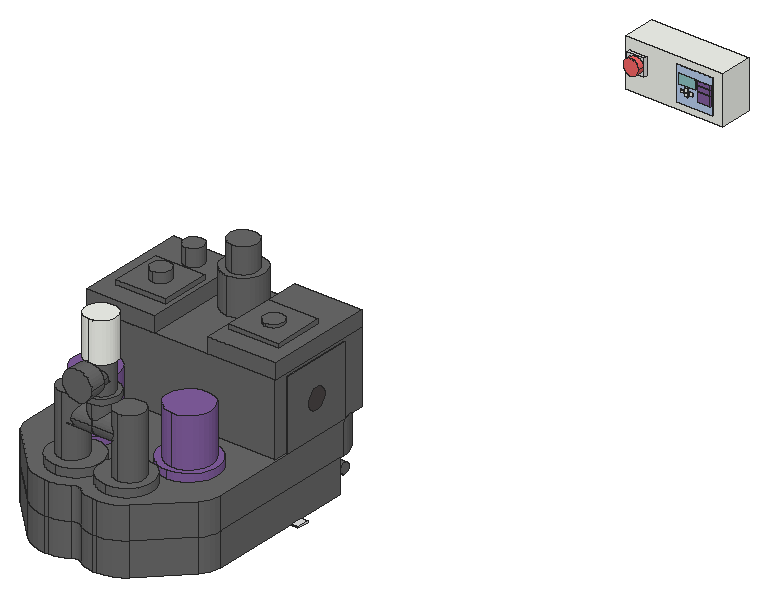
Revit family "11096", category Generic Models, Revit 2021
Family settings
  Can host rebar = No
  Round Connector Dimension = Use Diameter
  Part Type = Normal
  Work Plane-Based = No
  Always vertical = Yes
  Cut with Voids When Loaded = No
  Shared = Yes
  Room Calculation Point = No
Parameters (values of type "11096")
  SUPPLIER = "KESSEL"
  SA700ID49 = "Protection Class I"
  SA700ID48 = "no"
  SA700ID47 = "no"
  SA700ID46 = "yes"
  SA700ID37 = 8000 mm
  SA700ID34 = 40
  SA700ID33 = 1.4 W
  SA700ID32 = 97.93 kg
  SA700ID31 = 1
  SA700ID30 = 2
  SA700ID29 = "RWDR"
  SA700ID21 = 800
  SA700ID10 = "yes"
  SA700ID08 = 400 V
  PROCUREWEBLINK = "https://p.caden.as/kessel/11096"
  PROCURELINK = "p.caden.as/kessel/11096"
  PROCUREDATALASTUPDATE = "2024-05-22T12:18:09.363036766+01:00"
  PREVIEW = "../../_pool_/58/2b/11096.png"
  PRC_SPECIFICATIONLINK = "https://ausschreiben.de/catalog/kessel/catalogItem/51788444-1d41-44b5-8a0e-664a32e81ef7"
  NN = "Lifting station Aqualift F XL"
  NBSYN = "$SA810ID03."
  NB = "11096"
  Model = "11096"
  Manufacturer = "KESSEL"
  MIdent = "{$CADENAS_DATA/23d-libs/kessel/kessel_vdi_import/4/entwaesserung/hebeanlage20aqualift20f20xl.prj},201 {STYP=ASS},{VTYP=3D},{NB=11096},{LINA=11096},{NN=Lifting station Aqualift F XL},{DATE=21.11.2022 10:48:11},{GEOMDATE=21.11.2022 10:48:11},{VERSION=},{LINEID=270},{WBVAR=LODLEVEL},{WBNUMERIC=LODLEVEL}  {NB=11096},{LINA=11096},{KT=DUMMY},{PREVIEW=../../_pool_/58/2b/11096.png},{SA700ID04=Hebeanlage Aqualift F XL 200 l, Duo, SPF 1500-S1, Schieber },{SA810ID06=04026092057636},{SA700ID34=40.00},{SA010ID03=201805},{SA810ID03=11096},{SA810ID10=Aqualift F XL 1500W-S1 Duo 200L m.S.KESSEL Aqualift F XL Hebeanlage für fäkalienhaltiges und fäkalienfreies Abwasser. Zur Aufstellung in frostgeschützten Räumen.Duoanlage mit zwei Pumpen des Typs SPF 1500-S1Sammelbehälter aus Polyethylen, mit verschraubter Reinigungsöffnung, Anschlussstutzen für Zulauf von oben DN100/150.Inklusive Tauchrohr zur pneumatischen Niveauerfassung,Entlüftungsanschluss DN 70 und Anschluss für eine Handmembranpumpe DN 32.Behälter inklusive Haltewinkel zur Auftriebssicherung.Behältervolumen 200 Liter, max. Nutzvolumen bei Zulauf von oben ca. 120 Liter.Zwei seitliche und zwei rückseitige Anbohrflächen zur Montage weiterer Zuläufe bis DN 200 unter Verwendung von Durchgangsdichtungen.Inklusive KESSEL Schaltgerät Aqualift Comfort 400 V.Anwenderfreundliche Menüführung im mehrzeiligem Display. MitSelbstdiagnosesystem (SDS) und Erinnerungsfunktion für nächste Wartung.Anzeige der aktuellen Messwerte. Einfache Einstellung derfunktionsrelevanten Parameter, inklusive Betriebsstundenzähler und potentialfreiem Kontakt. Optionale Weiterleitung von Alarm- und Sammelstörmeldung über GSM Schnittstelle.Schaltgerät mit Volltextanzeige in sechs Sprachen.Abwasserpumpe(n) mit Freistromrad zur Förderung von fäkalienfreiem und fäkalienhaltigem Abwasser gemäß DIN EN 12050-1. Freier Kugeldurchgang mindestens 40 mm. Pumpe(n) überflutungssicher. Inklusive Rückflussverhinderer, mit Druckabgang aus Kunststoff DN 100. Inklusive Absperrschieber.Pumpe(n) Typ SPF 1500-S1Fördermenge: max. 40 m³/hFörderhöhe: max. 8 mNennleistung (P2): 1,1 KW je PumpeAufnahmeleistung (P1): 1,4 KW je PumpeBetriebsspannung: 400 V DSNennfrequenz: 50 HzNennstrom: 2,7 AAbsicherung: 3 x 16 A trägeSchutzart (Pumpe): IP68 3mWS/48hSchutzart (Schaltgerät): IP 65Bertiebsart: S1Kabellänge: 5 mAußenmaße Anlage mit 200 Liter Behälter (BxTxH): 760 x 980 x 770 mmGewicht ca. 97,93 kg},{SA700ID37=8.00},{SA700ID33=1.40},{SA700ID08=400},{SA700ID30=2},{SA700ID32=97.93},{SA700ID49=Schutzklasse I},{SA700ID50=intern},{SA200ID03=6},{SA250ID03=vertikal},{SA260ID03=Trockenläuferpumpe},{SA350ID03=normalansaugend},{SA400ID03=E-Motor für Drehstrom},{SA460ID03=direkt},{SA500ID03=Kunststoff, Edelstahl},{SA700ID06=100},{SA700ID07=100},{SA700ID09=3/N/PE 400V},{SA700ID10=Ja},{SA700ID11=50},{SA700ID12=IP 68},{SA700ID13=F},{SA700ID15=40},{SA700ID21=800.00},{SA700ID22=1.10},{SA700ID23=1415},{SA700ID24=1415},{SA700ID26=2.70},{SA700ID27=21.00},{SA700ID28=durchgehend},{SA700ID29=RWDR},{SA700ID31=1},{SA700ID46=ja},{SA700ID47=nein},{SA700ID48=nein},{SA110ID04=Hebeanlage Aqualift F XL},{SA300ID03=einstufig},{SA700ID44=10.00},{SA700ID45=10.00},{SA010ID04=KESSEL AG},{LODLEVEL=200},{LINK=https://www.kessel.de/info?han=11096},{SA970ID01=970},{SA970ID02=7139},{SA970ID03=11096},{SA970ID04=11002617},{SA970ID05=QUAD},{SA970ID06=-410},{SA970ID07=-850},{SA970ID08=0},{SA970ID09=1},{SA970ID10=0},{SA970ID11=0},{SA970ID12=0},{SA970ID13=1},{SA970ID14=0},{SA970ID15=820},{SA970ID16=980},{SA970ID17=819},{LODLEVEL_=200,'Low'},{LODLEVEL_DEU=200,'Low'},{LINK_=https://www.kessel.de/info?han=11096},{LINK_DEU=https://www.kessel.de/info?han=11096},{LODLEVEL_3DB=11096_200},{DNIN1=100},{DNIN2=70},{DNIN4=10},{DNIN5=10},{DNIN6=50},{DNIN7=50},{DNIN8=50},{DNIN9=50},{DNOUT1=32},{DNOUT2=100},{DNOUT3=70},{ISD1=96},{ISD2=10},{ISDOUT1=40},{ISDOUT2=60},{ISDOUT3=65},{SA010ID01=010},{SA010ID02=4},{SA010ID06=www.kessel.de},{SA010ID07=www.kessel.de},{SA010ID12=20180713},{SA010ID13=DEU},{SA010ID14=DE},{SA100ID01=100},{SA100ID02=4},{SA100ID04=Entwässerung},{SA110ID01=110},{SA110ID02=6},{SA200ID01=200},{SA200ID02=6},{SA250ID01=250},{SA250ID02=2},{SA260ID01=260},{SA260ID02=2},{SA300ID01=300},{SA300ID02=1},{SA350ID01=350},{SA350ID02=1},{SA400ID01=400},{SA400ID02=2},{SA460ID01=460},{SA460ID02=1},{SA500ID01=500},{SA500ID02=1},{SA700ID01=700},{SA700ID02=71},{SA700ID10_=1},{SA700ID16=0},{SA700ID25=0},{SA700ID46_=1},{SA700ID47_=0},{SA700ID48_=0},{SA700ID49_=1},{SA700ID50_=2},{SA800ID01=800},{SA800ID02=35},{SA810ID01=810},{SA810ID02=71},{SA810ID04=11096},{SA810ID07=71},{SA810ID09=1},{SA810ID14=PCE},{SA810ID15=1},{SA810ID16=NMP},{SA960ID03=71},{SA960ID04=3L},{SA960ID08=https://www.kessel.de/info?han=11096},{SA010ID08=4026092000007},{SA100ID05=Hebeanlage},{SA110ID06=Hebeanlage}"
  LINK = "https://www.kessel.de/info?han=11096"
  LINA = "11096"
  Default Elevation = 0 mm
  CREATOR = "CADENAS GmbH"
  CATALOG = "KESSEL"
  BOMINFO = "LINA"
  ARTICLENO = "NB"
  4.810.00.9 Order quantity (multiplicator) = "1"
  4.810.00.7 Media- connection number = "71"
  4.810.00.6 GTIN number = "04026092057636"
  4.810.00.4 DATANORM number = "11096"
  4.810.00.3 Producer order number = "11096"
  4.710.03.7 Mass (net) = 97.93 kg
  4.710.03.6 Height = 807 mm
  4.710.03.5 Width = 760 mm
  4.710.03.4 Length = 980 mm
  4.710.03.3 Type of dimensions = "2"
  4.710.02.8 Area of application of wastewater pump = "1"
  4.710.02.6 Duty type = "S1"
  4.710.02.5 Cutting device = "0"
  4.710.02.4 Attached pump control = "1"
  4.710.02.3 Free passage = 40 mm
  4.710.01.6 Option to connect to building automation = "40"
  4.710.01.5 Load regulation = "0"
  4.710.01.4 Designation of closed-loop control = "120"
  4.710.01.3 Identifier for closed-loop control = "200"
  4.700.00.9 Voltage = 0
  4.700.00.8 Nominal connection size on suction side = "100"
  4.700.00.7 Nominal connection size on pressure side = "100"
  4.700.00.6 Type of connection = "100"
  4.700.00.4 Product indentification = "Hebeanlage Aqualift F XL 200 l, Duo, SPF 1500-S1, Schieber "
  4.700.00.28 Motor pump shaft = "durchgehend"
  4.700.00.27 Starting current = 21
  4.700.00.26 Maximum power consumption per pump / drive = 2.7
  4.700.00.25 Minimum speed at internal speed adjustment = 0
  4.700.00.24 Nominal speed / maximum speed n = 23.5833
  4.700.00.23 Nominal speed of motor = 23.5833
  4.700.00.22 Maximum shaft output (P2) per pump/drive = 1.1 W
  4.700.00.16 Maximum temperature of pumped medium = 0 °C
  4.700.00.15 Increased safety class = "40 °C"
  4.700.00.13 Type of protection = "F"
  4.700.00.12 Frequency = 0
  4.700.00.11 Stern-/Dreieck-Anlaufschaltung bei Dreiphasenanschluss oder Drehstrom = "50 Hz"
  4.700.00.10 Phase = "1"
  4.500.00.3 Variant / Variant type / Accessories-name = "Kunststoff, Edelstahl"
  4.460.00.3 Variant / Variant type / Accessories-name = "direkt"
  4.400.00.3 Variant / Variant type / Accessories-name = "E-Motor für Drehstrom"
  4.350.00.3 Variant / Variant type / Accessories-name = "normalansaugend"
  4.300.00.3 Variant / Variant type / Accessories-name = "einstufig"
  4.260.00.3 Variant / Variant type / Accessories-name = "Trockenläuferpumpe"
  4.250.00.3 Variant / Variant type / Accessories-name = "vertikal"
  4.200.00.3 Variant / Variant type / Accessories-name = "6"
  4.110.00.6 Product classification = "Hebeanlage"
  4.110.00.4 Product indentification = "Hebeanlage Aqualift F XL"
  4.100.00.5 Main groups of wares = "Hebeanlage"
  4.100.00.4 Product indentification = "Entwässerung"
  4.010.00.8 Producer ID number = "4026092000007"
  4.010.00.7 Comment = "www.kessel.de"
  4.010.00.6 Web address of the manufacturer = "www.kessel.de"
  4.010.00.4 Manufacturer name = "KESSEL AG"
  4.010.00.3 Date of issuance (month) of guideline = "201805"
  4.010.00.2 Sheet number of the guideline = "4"
  4.010.00.14 Kennungen der Projektländer, für die die Datei gültig ist = "DE"
  4.010.00.13 Sprache der Datei = "DEU"
  4.010.00.12 Stand des Herstellerkatalogs = "20180713"
Reference planes
  plane 1 "Center (Front/Back)": y = 0
  plane 2: z = 0
  plane 3 "Center (Left/Right)": x = 0
Forms (mm)
  Extrusion 1, void
    sketch origin (380.5, -115, 392) x (0, -1, 0) y (0, 0, 1)
      loop
        line (-0.5, -0.5) -> (0.5, -0.5) -> (0.5, 0.5) -> (-0.5, 0.5) -> (-0.5, -0.5)
    from 0 to 1
  Extrusion 2, void
    sketch origin (160.15, 130.5, 392) x (1, 0, 0) y (0, 0, 1)
      loop
        line (-0.5, -0.5) -> (0.5, -0.5) -> (0.5, 0.5) -> (-0.5, 0.5) -> (-0.5, -0.5)
    from 0 to 1
  Extrusion 3, void
    sketch origin (-161, 130.5, 392) x (1, 0, 0) y (0, 0, 1)
      loop
        line (-0.5, -0.5) -> (0.5, -0.5) -> (0.5, 0.5) -> (-0.5, 0.5) -> (-0.5, -0.5)
    from 0 to 1
  Extrusion 4, void
    sketch origin (-380.5, -115, 392) x (0, 1, 0) y (0, 0, 1)
      loop
        line (-0.5, -0.5) -> (0.5, -0.5) -> (0.5, 0.5) -> (-0.5, 0.5) -> (-0.5, -0.5)
    from 0 to 1
Dimensions and locks
  locked: plane 2 to Extrusion 1 at 392.5
  locked: plane 2 to Extrusion 1 at 391.5
  locked: plane 2 to Extrusion 2 at 392.5
  locked: plane 2 to Extrusion 2 at 391.5
  locked: plane 2 to Extrusion 3 at 392.5
  locked: plane 2 to Extrusion 3 at 391.5
  locked: plane 2 to Extrusion 4 at 392.5
  locked: plane 2 to Extrusion 4 at 391.5
  aligned and locked: level to plane 2
Nested families
  nested 1: "11096_content" at (0, 0, 0), type "11096_Content"
  nested 2: "11096_part1_X0Y0" at (1000, 1000, 1200), type "11096_PART1_X0Y0"
  nested 3: "11096_part2_X0Y0" at (0, 0, 0), type "11096_PART2_X0Y0"
Connectors
  electrical at (861, 933, 1201.5)
    settings: on nested 2, index 1, voltage 0 V, apparent load 0 VA, apparent load phase1 0 VA, apparent load phase2 0 VA, apparent load phase3 0 VA, power factor 1, load classification "Other", number of poles 1, system type 31, power factor state 1, is connector primary yes, connector utility no, sub classification motor no, connector description ""
  piping at (0, 0, 771), diameter 100
    settings: on nested 3, index 2, connector inside diameter 609.6 mm, connector length 0 mm, flow factor 0, pipe flow 0.0 L/s, pressure drop 0.0 Pa, fitting loss kfactor 0, connector angle 0.00°, fixture units 0, engagement length 0 mm, angle of deflection 0.00°, flow configuration 0, flow direction 1, fitting loss method 2, system type 8, joint type 0, gender type 0, connector reference index -1, connector utility 0, adjustable connector no, is connector primary yes, connector description ""
  piping at (380.5, -115, 392), diameter 70
    settings: on Extrusion 1, index 3, connector inside diameter 609.6 mm, connector length 0 mm, flow factor 0, pipe flow 0.0 L/s, pressure drop 0.0 Pa, fitting loss kfactor 0, connector angle 0.00°, fixture units 0, engagement length 0 mm, angle of deflection 0.00°, flow configuration 0, flow direction 0, fitting loss method 2, system type 8, joint type 0, gender type 0, connector reference index -1, connector utility 0, adjustable connector no, is connector primary no, connector description ""
  piping at (160.15, 130.5, 392), diameter 70
    settings: on Extrusion 2, index 4, connector inside diameter 609.6 mm, connector length 0 mm, flow factor 0, pipe flow 0.0 L/s, pressure drop 0.0 Pa, fitting loss kfactor 0, connector angle 0.00°, fixture units 0, engagement length 0 mm, angle of deflection 0.00°, flow configuration 0, flow direction 0, fitting loss method 2, system type 8, joint type 0, gender type 0, connector reference index -1, connector utility 0, adjustable connector no, is connector primary no, connector description ""
  piping at (-161, 130.5, 392), diameter 70
    settings: on Extrusion 3, index 5, connector inside diameter 609.6 mm, connector length 0 mm, flow factor 0, pipe flow 0.0 L/s, pressure drop 0.0 Pa, fitting loss kfactor 0, connector angle 0.00°, fixture units 0, engagement length 0 mm, angle of deflection 0.00°, flow configuration 0, flow direction 0, fitting loss method 2, system type 8, joint type 0, gender type 0, connector reference index -1, connector utility 0, adjustable connector no, is connector primary no, connector description ""
  piping at (-380.5, -115, 392), diameter 70
    settings: on Extrusion 4, index 6, connector inside diameter 609.6 mm, connector length 0 mm, flow factor 0, pipe flow 0.0 L/s, pressure drop 0.0 Pa, fitting loss kfactor 0, connector angle 0.00°, fixture units 0, engagement length 0 mm, angle of deflection 0.00°, flow configuration 0, flow direction 0, fitting loss method 2, system type 8, joint type 0, gender type 0, connector reference index -1, connector utility 0, adjustable connector no, is connector primary no, connector description ""
  piping at (0, -818, 611), diameter 100
    settings: on nested 3, index 7, connector inside diameter 609.6 mm, connector length 0 mm, flow factor 0, pipe flow 0.0 L/s, pressure drop 0.0 Pa, fitting loss kfactor 0, connector angle 0.00°, fixture units 0, engagement length 0 mm, angle of deflection 0.00°, flow configuration 0, flow direction 2, fitting loss method 2, system type 7, joint type 0, gender type 0, connector reference index -1, connector utility 0, adjustable connector no, is connector primary no, connector description ""
  piping at (-225, 36, 661), diameter 70
    settings: on nested 3, index 8, connector inside diameter 609.6 mm, connector length 0 mm, flow factor 0, pipe flow 0.0 L/s, pressure drop 0.0 Pa, fitting loss kfactor 0, connector angle 0.00°, fixture units 0, engagement length 0 mm, angle of deflection 0.00°, flow configuration 0, flow direction 2, fitting loss method 2, system type 7, joint type 0, gender type 0, connector reference index -1, connector utility 0, adjustable connector no, is connector primary no, connector description ""
  piping at (354.5, 56, 60), diameter 32
    settings: on nested 3, index 9, connector inside diameter 609.6 mm, connector length 0 mm, flow factor 0, pipe flow 0.0 L/s, pressure drop 0.0 Pa, fitting loss kfactor 0, connector angle 0.00°, fixture units 0, engagement length 0 mm, angle of deflection 0.00°, flow configuration 0, flow direction 2, fitting loss method 2, system type 7, joint type 0, gender type 0, connector reference index -1, connector utility 0, adjustable connector no, is connector primary no, connector description ""
  electrical at (185, -497, 477)
    settings: on nested 3, index 10, voltage 0 V, apparent load 0 VA, apparent load phase1 0 VA, apparent load phase2 0 VA, apparent load phase3 0 VA, power factor 1, load classification "Other", number of poles 1, system type 31, power factor state 1, is connector primary no, connector utility no, sub classification motor no, connector description ""
  electrical at (-185, -496.75, 477)
    settings: on nested 3, index 11, voltage 0 V, apparent load 0 VA, apparent load phase1 0 VA, apparent load phase2 0 VA, apparent load phase3 0 VA, power factor 1, load classification "Other", number of poles 1, system type 31, power factor state 1, is connector primary no, connector utility no, sub classification motor no, connector description ""
  electrical at (-222.5, -129, 650)
    settings: on nested 3, index 12, voltage 0 V, apparent load 0 VA, apparent load phase1 0 VA, apparent load phase2 0 VA, apparent load phase3 0 VA, power factor 1, load classification "Other", number of poles 1, system type 31, power factor state 1, is connector primary no, connector utility no, sub classification motor no, connector description ""
Definition of nested family "11096_part1_X0Y0"
  Parameters (values of type "11096_PART1_X0Y0")
    SUPPLIER = "KESSEL"
    SA700ID49 = "Protection Class I"
    SA700ID48 = "no"
    SA700ID47 = "no"
    SA700ID46 = "yes"
    SA700ID37 = 8000 mm
    SA700ID34 = 40
    SA700ID33 = 1.4 W
    SA700ID32 = 97.93 kg
    SA700ID31 = 1
    SA700ID30 = 2
    SA700ID29 = "RWDR"
    SA700ID21 = 800
    SA700ID10 = "yes"
    SA700ID08 = 400 V
    PREVIEW = "../../_pool_/58/2b/11096.png"
    NBSYN = "$SA810ID03._PART1"
    NB = "11096_PART1"
    Model = "11096_PART1"
    Manufacturer = "KESSEL"
    MIdent = "{$CADENAS_DATA/23d-libs/kessel/kessel_vdi_import/4/entwaesserung/hebeanlage20aqualift20f20xl.prj},221 {VTYP=3D},{NB=11096_PART1},{LINA=11096_PART1},{NN=Lifting station Aqualift F XL_PART1},{NOPRJ=TRUE},{DATE=21.11.2022 10:48:11},{GEOMDATE=21.11.2022 10:48:11},{VERSION=},{LINEID=270},{WBVAR=LODLEVEL},{WBNUMERIC=LODLEVEL}  {NB=11096_PART1},{LINA=11096_PART1},{KT=DUMMY},{PREVIEW=../../_pool_/58/2b/11096.png},{SA700ID04=Hebeanlage Aqualift F XL 200 l, Duo, SPF 1500-S1, Schieber },{SA810ID06=04026092057636},{SA700ID34=40.00},{SA010ID03=201805},{SA810ID03=11096},{SA810ID10=Aqualift F XL 1500W-S1 Duo 200L m.S.KESSEL Aqualift F XL Hebeanlage für fäkalienhaltiges und fäkalienfreies Abwasser. Zur Aufstellung in frostgeschützten Räumen.Duoanlage mit zwei Pumpen des Typs SPF 1500-S1Sammelbehälter aus Polyethylen, mit verschraubter Reinigungsöffnung, Anschlussstutzen für Zulauf von oben DN100/150.Inklusive Tauchrohr zur pneumatischen Niveauerfassung,Entlüftungsanschluss DN 70 und Anschluss für eine Handmembranpumpe DN 32.Behälter inklusive Haltewinkel zur Auftriebssicherung.Behältervolumen 200 Liter, max. Nutzvolumen bei Zulauf von oben ca. 120 Liter.Zwei seitliche und zwei rückseitige Anbohrflächen zur Montage weiterer Zuläufe bis DN 200 unter Verwendung von Durchgangsdichtungen.Inklusive KESSEL Schaltgerät Aqualift Comfort 400 V.Anwenderfreundliche Menüführung im mehrzeiligem Display. MitSelbstdiagnosesystem (SDS) und Erinnerungsfunktion für nächste Wartung.Anzeige der aktuellen Messwerte. Einfache Einstellung derfunktionsrelevanten Parameter, inklusive Betriebsstundenzähler und potentialfreiem Kontakt. Optionale Weiterleitung von Alarm- und Sammelstörmeldung über GSM Schnittstelle.Schaltgerät mit Volltextanzeige in sechs Sprachen.Abwasserpumpe(n) mit Freistromrad zur Förderung von fäkalienfreiem und fäkalienhaltigem Abwasser gemäß DIN EN 12050-1. Freier Kugeldurchgang mindestens 40 mm. Pumpe(n) überflutungssicher. Inklusive Rückflussverhinderer, mit Druckabgang aus Kunststoff DN 100. Inklusive Absperrschieber.Pumpe(n) Typ SPF 1500-S1Fördermenge: max. 40 m³/hFörderhöhe: max. 8 mNennleistung (P2): 1,1 KW je PumpeAufnahmeleistung (P1): 1,4 KW je PumpeBetriebsspannung: 400 V DSNennfrequenz: 50 HzNennstrom: 2,7 AAbsicherung: 3 x 16 A trägeSchutzart (Pumpe): IP68 3mWS/48hSchutzart (Schaltgerät): IP 65Bertiebsart: S1Kabellänge: 5 mAußenmaße Anlage mit 200 Liter Behälter (BxTxH): 760 x 980 x 770 mmGewicht ca. 97,93 kg},{SA700ID37=8.00},{SA700ID33=1.40},{SA700ID08=400},{SA700ID30=2},{SA700ID32=97.93},{SA700ID49=Schutzklasse I},{SA700ID50=intern},{SA200ID03=6},{SA250ID03=vertikal},{SA260ID03=Trockenläuferpumpe},{SA350ID03=normalansaugend},{SA400ID03=E-Motor für Drehstrom},{SA460ID03=direkt},{SA500ID03=Kunststoff, Edelstahl},{SA700ID06=100},{SA700ID07=100},{SA700ID09=3/N/PE 400V},{SA700ID10=Ja},{SA700ID11=50},{SA700ID12=IP 68},{SA700ID13=F},{SA700ID15=40},{SA700ID21=800.00},{SA700ID22=1.10},{SA700ID23=1415},{SA700ID24=1415},{SA700ID26=2.70},{SA700ID27=21.00},{SA700ID28=durchgehend},{SA700ID29=RWDR},{SA700ID31=1},{SA700ID46=ja},{SA700ID47=nein},{SA700ID48=nein},{SA110ID04=Hebeanlage Aqualift F XL},{SA300ID03=einstufig},{SA700ID44=10.00},{SA700ID45=10.00},{SA010ID04=KESSEL AG},{LODLEVEL=200},{LINK=https://www.kessel.de/info?han=11096},{SA970ID01=970},{SA970ID02=7139},{SA970ID03=11096},{SA970ID04=11002617},{SA970ID05=QUAD},{SA970ID06=-410},{SA970ID07=-850},{SA970ID08=0},{SA970ID09=1},{SA970ID10=0},{SA970ID11=0},{SA970ID12=0},{SA970ID13=1},{SA970ID14=0},{SA970ID15=820},{SA970ID16=980},{SA970ID17=819},{LODLEVEL_=200,'Low'},{LODLEVEL_DEU=200,'Low'},{LINK_=https://www.kessel.de/info?han=11096},{LINK_DEU=https://www.kessel.de/info?han=11096},{LODLEVEL_3DB=11096_200},{DNIN1=100},{DNIN2=70},{DNIN4=10},{DNIN5=10},{DNIN6=50},{DNIN7=50},{DNIN8=50},{DNIN9=50},{DNOUT1=32},{DNOUT2=100},{DNOUT3=70},{ISD1=96},{ISD2=10},{ISDOUT1=40},{ISDOUT2=60},{ISDOUT3=65},{SA010ID01=010},{SA010ID02=4},{SA010ID06=www.kessel.de},{SA010ID07=www.kessel.de},{SA010ID12=20180713},{SA010ID13=DEU},{SA010ID14=DE},{SA100ID01=100},{SA100ID02=4},{SA100ID04=Entwässerung},{SA110ID01=110},{SA110ID02=6},{SA200ID01=200},{SA200ID02=6},{SA250ID01=250},{SA250ID02=2},{SA260ID01=260},{SA260ID02=2},{SA300ID01=300},{SA300ID02=1},{SA350ID01=350},{SA350ID02=1},{SA400ID01=400},{SA400ID02=2},{SA460ID01=460},{SA460ID02=1},{SA500ID01=500},{SA500ID02=1},{SA700ID01=700},{SA700ID02=71},{SA700ID10_=1},{SA700ID16=0},{SA700ID25=0},{SA700ID46_=1},{SA700ID47_=0},{SA700ID48_=0},{SA700ID49_=1},{SA700ID50_=2},{SA800ID01=800},{SA800ID02=35},{SA810ID01=810},{SA810ID02=71},{SA810ID04=11096},{SA810ID07=71},{SA810ID09=1},{SA810ID14=PCE},{SA810ID15=1},{SA810ID16=NMP},{SA960ID03=71},{SA960ID04=3L},{SA960ID08=https://www.kessel.de/info?han=11096},{SA010ID08=4026092000007},{SA100ID05=Hebeanlage},{SA110ID06=Hebeanlage}"
    LINK = "https://www.kessel.de/info?han=11096"
    LINA = "11096_PART1"
    Default Elevation = 1219.2 mm
    CREATOR = "CADENAS GmbH"
    CATALOG = "KESSEL"
    BOMINFO = "LINA"
    ARTICLENO = "NB"
    4.810.00.9 Order quantity (multiplicator) = "1"
    4.810.00.7 Media- connection number = "71"
    4.810.00.6 GTIN number = "04026092057636"
    4.810.00.4 DATANORM number = "11096"
    4.810.00.3 Producer order number = "11096"
    4.710.03.7 Mass (net) = 97.93 kg
    4.710.03.6 Height = 807 mm
    4.710.03.5 Width = 760 mm
    4.710.03.4 Length = 980 mm
    4.710.03.3 Type of dimensions = "2"
    4.710.02.8 Area of application of wastewater pump = "1"
    4.710.02.6 Duty type = "S1"
    4.710.02.5 Cutting device = "0"
    4.710.02.4 Attached pump control = "1"
    4.710.02.3 Free passage = 40 mm
    4.710.01.6 Option to connect to building automation = "40"
    4.710.01.5 Load regulation = "0"
    4.710.01.4 Designation of closed-loop control = "120"
    4.710.01.3 Identifier for closed-loop control = "200"
    4.700.00.9 Voltage = 0
    4.700.00.8 Nominal connection size on suction side = "100"
    4.700.00.7 Nominal connection size on pressure side = "100"
    4.700.00.6 Type of connection = "100"
    4.700.00.4 Product indentification = "Hebeanlage Aqualift F XL 200 l, Duo, SPF 1500-S1, Schieber "
    4.700.00.28 Motor pump shaft = "durchgehend"
    4.700.00.27 Starting current = 21
    4.700.00.26 Maximum power consumption per pump / drive = 2.7
    4.700.00.25 Minimum speed at internal speed adjustment = 0
    4.700.00.24 Nominal speed / maximum speed n = 23.5833
    4.700.00.23 Nominal speed of motor = 23.5833
    4.700.00.22 Maximum shaft output (P2) per pump/drive = 1.1 W
    4.700.00.16 Maximum temperature of pumped medium = 0 °C
    4.700.00.15 Increased safety class = "40 °C"
    4.700.00.13 Type of protection = "F"
    4.700.00.12 Frequency = 0
    4.700.00.11 Stern-/Dreieck-Anlaufschaltung bei Dreiphasenanschluss oder Drehstrom = "50 Hz"
    4.700.00.10 Phase = "1"
    4.500.00.3 Variant / Variant type / Accessories-name = "Kunststoff, Edelstahl"
    4.460.00.3 Variant / Variant type / Accessories-name = "direkt"
    4.400.00.3 Variant / Variant type / Accessories-name = "E-Motor für Drehstrom"
    4.350.00.3 Variant / Variant type / Accessories-name = "normalansaugend"
    4.300.00.3 Variant / Variant type / Accessories-name = "einstufig"
    4.260.00.3 Variant / Variant type / Accessories-name = "Trockenläuferpumpe"
    4.250.00.3 Variant / Variant type / Accessories-name = "vertikal"
    4.200.00.3 Variant / Variant type / Accessories-name = "6"
    4.110.00.6 Product classification = "Hebeanlage"
    4.110.00.4 Product indentification = "Hebeanlage Aqualift F XL"
    4.100.00.5 Main groups of wares = "Hebeanlage"
    4.100.00.4 Product indentification = "Entwässerung"
    4.010.00.8 Producer ID number = "4026092000007"
    4.010.00.7 Comment = "www.kessel.de"
    4.010.00.6 Web address of the manufacturer = "www.kessel.de"
    4.010.00.4 Manufacturer name = "KESSEL AG"
    4.010.00.3 Date of issuance (month) of guideline = "201805"
    4.010.00.2 Sheet number of the guideline = "4"
    4.010.00.14 Kennungen der Projektländer, für die die Datei gültig ist = "DE"
    4.010.00.13 Sprache der Datei = "DEU"
    4.010.00.12 Stand des Herstellerkatalogs = "20180713"
  Reference planes
    plane 1 "Center (Front/Back)": y = 0
    plane 2: z = 0
    plane 3 "Center (Left/Right)": x = 0
  Dimensions and locks
    aligned and locked: level to plane 2
  Nested families
    nested 1: "11096_part1_content" at (0, 0, 0), type "11096_PART1_Content"
  Definition of nested family "11096_part1_content"
    Parameters (values of type "11096_PART1_Content")
      SUPPLIER = "KESSEL"
      SA700ID49 = "Protection Class I"
      SA700ID48 = "no"
      SA700ID47 = "no"
      SA700ID46 = "yes"
      SA700ID37 = 8000 mm
      SA700ID34 = 40
      SA700ID33 = 1.4 W
      SA700ID32 = 97.93 kg
      SA700ID31 = 1
      SA700ID30 = 2
      SA700ID29 = "RWDR"
      SA700ID21 = 800
      SA700ID10 = "yes"
      SA700ID08 = 400 V
      PREVIEW = "../../_pool_/58/2b/11096.png"
      NBSYN = "$SA810ID03._PART1"
      NB = "11096_PART1"
      Model = "11096_PART1"
      Manufacturer = "KESSEL"
      LINK = "https://www.kessel.de/info?han=11096"
      LINA = "11096_PART1"
      Default Elevation = 1219.2 mm
      CREATOR = "CADENAS GmbH"
      CATALOG = "KESSEL"
      BOMINFO = "LINA"
      ARTICLENO = "NB"
      4.810.00.9 Order quantity (multiplicator) = "1"
      4.810.00.7 Media- connection number = "71"
      4.810.00.6 GTIN number = "04026092057636"
      4.810.00.4 DATANORM number = "11096"
      4.810.00.3 Producer order number = "11096"
      4.710.03.7 Mass (net) = 97.93 kg
      4.710.03.6 Height = 807 mm
      4.710.03.5 Width = 760 mm
      4.710.03.4 Length = 980 mm
      4.710.03.3 Type of dimensions = "2"
      4.710.02.8 Area of application of wastewater pump = "1"
      4.710.02.6 Duty type = "S1"
      4.710.02.5 Cutting device = "0"
      4.710.02.4 Attached pump control = "1"
      4.710.02.3 Free passage = 40 mm
      4.710.01.6 Option to connect to building automation = "40"
      4.710.01.5 Load regulation = "0"
      4.710.01.4 Designation of closed-loop control = "120"
      4.710.01.3 Identifier for closed-loop control = "200"
      4.700.00.9 Voltage = 0
      4.700.00.8 Nominal connection size on suction side = "100"
      4.700.00.7 Nominal connection size on pressure side = "100"
      4.700.00.6 Type of connection = "100"
      4.700.00.4 Product indentification = "Hebeanlage Aqualift F XL 200 l, Duo, SPF 1500-S1, Schieber "
      4.700.00.28 Motor pump shaft = "durchgehend"
      4.700.00.27 Starting current = 21
      4.700.00.26 Maximum power consumption per pump / drive = 2.7
      4.700.00.25 Minimum speed at internal speed adjustment = 0
      4.700.00.24 Nominal speed / maximum speed n = 23.5833
      4.700.00.23 Nominal speed of motor = 23.5833
      4.700.00.22 Maximum shaft output (P2) per pump/drive = 1.1 W
      4.700.00.16 Maximum temperature of pumped medium = 0 °C
      4.700.00.15 Increased safety class = "40 °C"
      4.700.00.13 Type of protection = "F"
      4.700.00.12 Frequency = 0
      4.700.00.11 Stern-/Dreieck-Anlaufschaltung bei Dreiphasenanschluss oder Drehstrom = "50 Hz"
      4.700.00.10 Phase = "1"
      4.500.00.3 Variant / Variant type / Accessories-name = "Kunststoff, Edelstahl"
      4.460.00.3 Variant / Variant type / Accessories-name = "direkt"
      4.400.00.3 Variant / Variant type / Accessories-name = "E-Motor für Drehstrom"
      4.350.00.3 Variant / Variant type / Accessories-name = "normalansaugend"
      4.300.00.3 Variant / Variant type / Accessories-name = "einstufig"
      4.260.00.3 Variant / Variant type / Accessories-name = "Trockenläuferpumpe"
      4.250.00.3 Variant / Variant type / Accessories-name = "vertikal"
      4.200.00.3 Variant / Variant type / Accessories-name = "6"
      4.110.00.6 Product classification = "Hebeanlage"
      4.110.00.4 Product indentification = "Hebeanlage Aqualift F XL"
      4.100.00.5 Main groups of wares = "Hebeanlage"
      4.100.00.4 Product indentification = "Entwässerung"
      4.010.00.8 Producer ID number = "4026092000007"
      4.010.00.7 Comment = "www.kessel.de"
      4.010.00.6 Web address of the manufacturer = "www.kessel.de"
      4.010.00.4 Manufacturer name = "KESSEL AG"
      4.010.00.3 Date of issuance (month) of guideline = "201805"
      4.010.00.2 Sheet number of the guideline = "4"
      4.010.00.14 Kennungen der Projektländer, für die die Datei gültig ist = "DE"
      4.010.00.13 Sprache der Datei = "DEU"
      4.010.00.12 Stand des Herstellerkatalogs = "20180713"
    Reference planes
      plane 1 "Center (Front/Back)": y = 0
      plane 2: z = 0
      plane 3 "Center (Left/Right)": x = 0
    Forms (mm)
      Extrusion 1, solid, detail levels medium+fine
        sketch origin (189.25, -1.75, 0.2) x (0, -1, 0) y (0, 0, 1)
          loop
            line (0, 187.8) -> (0, 0) -> (127.75, 0) -> (127.75, 187.8) -> (0, 187.8)
        from 0 to 378.5
      Extrusion 2, solid, detail levels medium+fine
        sketch origin (-4, -67, 0) x (0, 1, 0) y (-1, 0, 0)
          loop
            circle (0, 0) r 12.5
        from 0 to 1.5
      Extrusion 3, solid, detail levels medium+fine
        sketch origin (150.8, -129.5, 26.5) x (0, -1, 0) y (0, 0, 1)
          loop
            line (-1.2, 134.8) -> (-1.2, 0) -> (0.25, 0) -> (0.25, 134.8) -> (-1.2, 134.8)
        from 0 to 139.9
      Extrusion 4, solid, detail levels medium+fine
        sketch origin (72.55, -129.75, 66) x (0, -1, 0) y (0, 0, 1)
          loop
            line (-1, 12) -> (-1, 0) -> (0.5, 0) -> (0.5, 12) -> (-1, 12)
        from 0 to 12
      Extrusion 5, solid, detail levels medium+fine
        sketch origin (84.45, -129.75, 93.4) x (0, -1, 0) y (0, 0, 1)
          loop
            line (-1, 37) -> (-1, 0) -> (0.5, 0) -> (0.5, 37) -> (-1, 37)
        from 0 to 66
      Extrusion 6, solid, detail levels medium+fine
        sketch origin (55.3, -129.75, 74) x (0, -1, 0) y (0, 0, 1)
          loop
            line (-1, 12) -> (-1, 0) -> (0.5, 0) -> (0.5, 12) -> (-1, 12)
        from 0 to 12
      Extrusion 7, solid, detail levels medium+fine
        sketch origin (143.3, -129.75, 94.4) x (0, -1, 0) y (0, 0, 1)
          loop
            line (0, 16) -> (0, 0) -> (1.75, 0) -> (1.75, 16) -> (0, 16)
        from 0 to 51
      Extrusion 8, solid, detail levels medium+fine
        sketch origin (143.3, -129.75, 54.4) x (0, -1, 0) y (0, 0, 1)
          loop
            line (0, 36) -> (0, 0) -> (1.75, 0) -> (1.75, 36) -> (0, 36)
        from 0 to 51
      Extrusion 9, solid, detail levels medium+fine
        sketch origin (55.3, -129.75, 57.5) x (0, -1, 0) y (0, 0, 1)
          loop
            line (-1, 12) -> (-1, 0) -> (0.5, 0) -> (0.5, 12) -> (-1, 12)
        from 0 to 12
      Extrusion 10, solid, detail levels medium+fine
        sketch origin (143.3, -129.75, 114.4) x (0, -1, 0) y (0, 0, 1)
          loop
            line (0, 16) -> (0, 0) -> (1.75, 0) -> (1.75, 16) -> (0, 16)
        from 0 to 51
      Extrusion 11, solid, detail levels medium+fine
        sketch origin (38.05, -129.75, 66) x (0, -1, 0) y (0, 0, 1)
          loop
            line (-1, 12) -> (-1, 0) -> (0.5, 0) -> (0.5, 12) -> (-1, 12)
        from 0 to 12
      Extrusion 12, solid, detail levels medium+fine
        sketch origin (47, -72, 0) x (0, 1, 0) y (-1, 0, 0)
          loop
            circle (0, 0) r 8
        from 0 to 1.5
      Extrusion 13, solid, detail levels medium+fine
        sketch origin (47, -42, 0) x (0, 1, 0) y (-1, 0, 0)
          loop
            circle (0, 0) r 5.25
        from 0 to 1.5
      Extrusion 14, solid, detail levels medium+fine
        sketch origin (77, -72, 0) x (0, 1, 0) y (-1, 0, 0)
          loop
            circle (0, 0) r 8
        from 0 to 1.5
      Extrusion 15, solid, detail levels medium+fine
        sketch origin (-94, -67, 0) x (0, 1, 0) y (-1, 0, 0)
          loop
            circle (0, 0) r 12.5
        from 0 to 1.5
      Extrusion 16, solid, detail levels medium+fine
        sketch origin (92, -42, 0) x (0, 1, 0) y (-1, 0, 0)
          loop
            circle (0, 0) r 8
        from 0 to 1.5
      Extrusion 17, solid, detail levels medium+fine
        sketch origin (107, -72, 0) x (0, 1, 0) y (-1, 0, 0)
          loop
            circle (0, 0) r 8
        from 0 to 1.5
      Extrusion 18, solid, detail levels medium+fine
        sketch origin (122, -42, 0) x (0, 1, 0) y (-1, 0, 0)
          loop
            circle (0, 0) r 8
        from 0 to 1.5
      Extrusion 19, solid, detail levels medium+fine
        sketch origin (-107.7, -129.5, 76.9) x (0, -1, 0) y (0, 0, 1)
          loop
            line (0, 67) -> (0, 0) -> (14, 0) -> (14, 67) -> (0, 67)
        from 0 to 67
      Extrusion 20, solid, detail levels medium+fine
        sketch origin (-141.2, -143.5, 110.4) x (1, 0, 0) y (0, 0, 1)
          loop
            circle (0, 0) r 30
        from 0 to 22
      Extrusion 21, solid, detail levels medium+fine
        sketch origin (127, -15, 0) x (0, 1, 0) y (-1, 0, 0)
          loop
            circle (0, 0) r 6
        from 0 to 1.5
      Extrusion 22, solid, detail levels medium+fine
        sketch origin (137, -72, 0) x (0, 1, 0) y (-1, 0, 0)
          loop
            circle (0, 0) r 8
        from 0 to 1.5
      Extrusion 23, solid, detail levels medium+fine
        sketch origin (-139, -67, 0) x (0, 1, 0) y (-1, 0, 0)
          loop
            circle (0, 0) r 12.5
        from 0 to 1.5
      Extrusion 24, solid, detail levels medium+fine
        sketch origin (152, -42, 0) x (0, 1, 0) y (-1, 0, 0)
          loop
            circle (0, 0) r 8
        from 0 to 1.5
      Extrusion 25, solid, detail levels coarse
        sketch origin (0, -83.625, 0) x (1, 0, 0) y (0, 1, 0)
          loop
            line (-189.25, -81.875) -> (189.25, -81.875) -> (189.25, 81.875) -> (-189.25, 81.875) -> (-189.25, -81.875)
        from 0 to 188
    Dimensions and locks
      aligned and locked: level to plane 2
Definition of nested family "11096_part2_X0Y0"
  Parameters (values of type "11096_PART2_X0Y0")
    SUPPLIER = "KESSEL"
    SA700ID49 = "Protection Class I"
    SA700ID48 = "no"
    SA700ID47 = "no"
    SA700ID46 = "yes"
    SA700ID37 = 8000 mm
    SA700ID34 = 40
    SA700ID33 = 1.4 W
    SA700ID32 = 97.93 kg
    SA700ID31 = 1
    SA700ID30 = 2
    SA700ID29 = "RWDR"
    SA700ID21 = 800
    SA700ID10 = "yes"
    SA700ID08 = 400 V
    PREVIEW = "../../_pool_/58/2b/11096.png"
    NBSYN = "$SA810ID03._PART2"
    NB = "11096_PART2"
    Model = "11096_PART2"
    Manufacturer = "KESSEL"
    MIdent = "{$CADENAS_DATA/23d-libs/kessel/kessel_vdi_import/4/entwaesserung/hebeanlage20aqualift20f20xl.prj},221 {VTYP=3D},{NB=11096_PART2},{LINA=11096_PART2},{NN=Lifting station Aqualift F XL_PART2},{NOPRJ=TRUE},{DATE=21.11.2022 10:48:11},{GEOMDATE=21.11.2022 10:48:11},{VERSION=},{LINEID=270},{WBVAR=LODLEVEL},{WBNUMERIC=LODLEVEL}  {NB=11096_PART2},{LINA=11096_PART2},{KT=DUMMY},{PREVIEW=../../_pool_/58/2b/11096.png},{SA700ID04=Hebeanlage Aqualift F XL 200 l, Duo, SPF 1500-S1, Schieber },{SA810ID06=04026092057636},{SA700ID34=40.00},{SA010ID03=201805},{SA810ID03=11096},{SA810ID10=Aqualift F XL 1500W-S1 Duo 200L m.S.KESSEL Aqualift F XL Hebeanlage für fäkalienhaltiges und fäkalienfreies Abwasser. Zur Aufstellung in frostgeschützten Räumen.Duoanlage mit zwei Pumpen des Typs SPF 1500-S1Sammelbehälter aus Polyethylen, mit verschraubter Reinigungsöffnung, Anschlussstutzen für Zulauf von oben DN100/150.Inklusive Tauchrohr zur pneumatischen Niveauerfassung,Entlüftungsanschluss DN 70 und Anschluss für eine Handmembranpumpe DN 32.Behälter inklusive Haltewinkel zur Auftriebssicherung.Behältervolumen 200 Liter, max. Nutzvolumen bei Zulauf von oben ca. 120 Liter.Zwei seitliche und zwei rückseitige Anbohrflächen zur Montage weiterer Zuläufe bis DN 200 unter Verwendung von Durchgangsdichtungen.Inklusive KESSEL Schaltgerät Aqualift Comfort 400 V.Anwenderfreundliche Menüführung im mehrzeiligem Display. MitSelbstdiagnosesystem (SDS) und Erinnerungsfunktion für nächste Wartung.Anzeige der aktuellen Messwerte. Einfache Einstellung derfunktionsrelevanten Parameter, inklusive Betriebsstundenzähler und potentialfreiem Kontakt. Optionale Weiterleitung von Alarm- und Sammelstörmeldung über GSM Schnittstelle.Schaltgerät mit Volltextanzeige in sechs Sprachen.Abwasserpumpe(n) mit Freistromrad zur Förderung von fäkalienfreiem und fäkalienhaltigem Abwasser gemäß DIN EN 12050-1. Freier Kugeldurchgang mindestens 40 mm. Pumpe(n) überflutungssicher. Inklusive Rückflussverhinderer, mit Druckabgang aus Kunststoff DN 100. Inklusive Absperrschieber.Pumpe(n) Typ SPF 1500-S1Fördermenge: max. 40 m³/hFörderhöhe: max. 8 mNennleistung (P2): 1,1 KW je PumpeAufnahmeleistung (P1): 1,4 KW je PumpeBetriebsspannung: 400 V DSNennfrequenz: 50 HzNennstrom: 2,7 AAbsicherung: 3 x 16 A trägeSchutzart (Pumpe): IP68 3mWS/48hSchutzart (Schaltgerät): IP 65Bertiebsart: S1Kabellänge: 5 mAußenmaße Anlage mit 200 Liter Behälter (BxTxH): 760 x 980 x 770 mmGewicht ca. 97,93 kg},{SA700ID37=8.00},{SA700ID33=1.40},{SA700ID08=400},{SA700ID30=2},{SA700ID32=97.93},{SA700ID49=Schutzklasse I},{SA700ID50=intern},{SA200ID03=6},{SA250ID03=vertikal},{SA260ID03=Trockenläuferpumpe},{SA350ID03=normalansaugend},{SA400ID03=E-Motor für Drehstrom},{SA460ID03=direkt},{SA500ID03=Kunststoff, Edelstahl},{SA700ID06=100},{SA700ID07=100},{SA700ID09=3/N/PE 400V},{SA700ID10=Ja},{SA700ID11=50},{SA700ID12=IP 68},{SA700ID13=F},{SA700ID15=40},{SA700ID21=800.00},{SA700ID22=1.10},{SA700ID23=1415},{SA700ID24=1415},{SA700ID26=2.70},{SA700ID27=21.00},{SA700ID28=durchgehend},{SA700ID29=RWDR},{SA700ID31=1},{SA700ID46=ja},{SA700ID47=nein},{SA700ID48=nein},{SA110ID04=Hebeanlage Aqualift F XL},{SA300ID03=einstufig},{SA700ID44=10.00},{SA700ID45=10.00},{SA010ID04=KESSEL AG},{LODLEVEL=200},{LINK=https://www.kessel.de/info?han=11096},{SA970ID01=970},{SA970ID02=7139},{SA970ID03=11096},{SA970ID04=11002617},{SA970ID05=QUAD},{SA970ID06=-410},{SA970ID07=-850},{SA970ID08=0},{SA970ID09=1},{SA970ID10=0},{SA970ID11=0},{SA970ID12=0},{SA970ID13=1},{SA970ID14=0},{SA970ID15=820},{SA970ID16=980},{SA970ID17=819},{LODLEVEL_=200,'Low'},{LODLEVEL_DEU=200,'Low'},{LINK_=https://www.kessel.de/info?han=11096},{LINK_DEU=https://www.kessel.de/info?han=11096},{LODLEVEL_3DB=11096_200},{DNIN1=100},{DNIN2=70},{DNIN4=10},{DNIN5=10},{DNIN6=50},{DNIN7=50},{DNIN8=50},{DNIN9=50},{DNOUT1=32},{DNOUT2=100},{DNOUT3=70},{ISD1=96},{ISD2=10},{ISDOUT1=40},{ISDOUT2=60},{ISDOUT3=65},{SA010ID01=010},{SA010ID02=4},{SA010ID06=www.kessel.de},{SA010ID07=www.kessel.de},{SA010ID12=20180713},{SA010ID13=DEU},{SA010ID14=DE},{SA100ID01=100},{SA100ID02=4},{SA100ID04=Entwässerung},{SA110ID01=110},{SA110ID02=6},{SA200ID01=200},{SA200ID02=6},{SA250ID01=250},{SA250ID02=2},{SA260ID01=260},{SA260ID02=2},{SA300ID01=300},{SA300ID02=1},{SA350ID01=350},{SA350ID02=1},{SA400ID01=400},{SA400ID02=2},{SA460ID01=460},{SA460ID02=1},{SA500ID01=500},{SA500ID02=1},{SA700ID01=700},{SA700ID02=71},{SA700ID10_=1},{SA700ID16=0},{SA700ID25=0},{SA700ID46_=1},{SA700ID47_=0},{SA700ID48_=0},{SA700ID49_=1},{SA700ID50_=2},{SA800ID01=800},{SA800ID02=35},{SA810ID01=810},{SA810ID02=71},{SA810ID04=11096},{SA810ID07=71},{SA810ID09=1},{SA810ID14=PCE},{SA810ID15=1},{SA810ID16=NMP},{SA960ID03=71},{SA960ID04=3L},{SA960ID08=https://www.kessel.de/info?han=11096},{SA010ID08=4026092000007},{SA100ID05=Hebeanlage},{SA110ID06=Hebeanlage}"
    LINK = "https://www.kessel.de/info?han=11096"
    LINA = "11096_PART2"
    Default Elevation = 1219.2 mm
    CREATOR = "CADENAS GmbH"
    CATALOG = "KESSEL"
    BOMINFO = "LINA"
    ARTICLENO = "NB"
    4.810.00.9 Order quantity (multiplicator) = "1"
    4.810.00.7 Media- connection number = "71"
    4.810.00.6 GTIN number = "04026092057636"
    4.810.00.4 DATANORM number = "11096"
    4.810.00.3 Producer order number = "11096"
    4.710.03.7 Mass (net) = 97.93 kg
    4.710.03.6 Height = 807 mm
    4.710.03.5 Width = 760 mm
    4.710.03.4 Length = 980 mm
    4.710.03.3 Type of dimensions = "2"
    4.710.02.8 Area of application of wastewater pump = "1"
    4.710.02.6 Duty type = "S1"
    4.710.02.5 Cutting device = "0"
    4.710.02.4 Attached pump control = "1"
    4.710.02.3 Free passage = 40 mm
    4.710.01.6 Option to connect to building automation = "40"
    4.710.01.5 Load regulation = "0"
    4.710.01.4 Designation of closed-loop control = "120"
    4.710.01.3 Identifier for closed-loop control = "200"
    4.700.00.9 Voltage = 0
    4.700.00.8 Nominal connection size on suction side = "100"
    4.700.00.7 Nominal connection size on pressure side = "100"
    4.700.00.6 Type of connection = "100"
    4.700.00.4 Product indentification = "Hebeanlage Aqualift F XL 200 l, Duo, SPF 1500-S1, Schieber "
    4.700.00.28 Motor pump shaft = "durchgehend"
    4.700.00.27 Starting current = 21
    4.700.00.26 Maximum power consumption per pump / drive = 2.7
    4.700.00.25 Minimum speed at internal speed adjustment = 0
    4.700.00.24 Nominal speed / maximum speed n = 23.5833
    4.700.00.23 Nominal speed of motor = 23.5833
    4.700.00.22 Maximum shaft output (P2) per pump/drive = 1.1 W
    4.700.00.16 Maximum temperature of pumped medium = 0 °C
    4.700.00.15 Increased safety class = "40 °C"
    4.700.00.13 Type of protection = "F"
    4.700.00.12 Frequency = 0
    4.700.00.11 Stern-/Dreieck-Anlaufschaltung bei Dreiphasenanschluss oder Drehstrom = "50 Hz"
    4.700.00.10 Phase = "1"
    4.500.00.3 Variant / Variant type / Accessories-name = "Kunststoff, Edelstahl"
    4.460.00.3 Variant / Variant type / Accessories-name = "direkt"
    4.400.00.3 Variant / Variant type / Accessories-name = "E-Motor für Drehstrom"
    4.350.00.3 Variant / Variant type / Accessories-name = "normalansaugend"
    4.300.00.3 Variant / Variant type / Accessories-name = "einstufig"
    4.260.00.3 Variant / Variant type / Accessories-name = "Trockenläuferpumpe"
    4.250.00.3 Variant / Variant type / Accessories-name = "vertikal"
    4.200.00.3 Variant / Variant type / Accessories-name = "6"
    4.110.00.6 Product classification = "Hebeanlage"
    4.110.00.4 Product indentification = "Hebeanlage Aqualift F XL"
    4.100.00.5 Main groups of wares = "Hebeanlage"
    4.100.00.4 Product indentification = "Entwässerung"
    4.010.00.8 Producer ID number = "4026092000007"
    4.010.00.7 Comment = "www.kessel.de"
    4.010.00.6 Web address of the manufacturer = "www.kessel.de"
    4.010.00.4 Manufacturer name = "KESSEL AG"
    4.010.00.3 Date of issuance (month) of guideline = "201805"
    4.010.00.2 Sheet number of the guideline = "4"
    4.010.00.14 Kennungen der Projektländer, für die die Datei gültig ist = "DE"
    4.010.00.13 Sprache der Datei = "DEU"
    4.010.00.12 Stand des Herstellerkatalogs = "20180713"
  Reference planes
    plane 1 "Center (Front/Back)": y = 0
    plane 2: z = 0
    plane 3 "Center (Left/Right)": x = 0
  Dimensions and locks
    aligned and locked: level to plane 2
  Nested families
    nested 1: "11096_part2_content" at (0, 0, 0), type "11096_PART2_Content"
  Definition of nested family "11096_part2_content"
    Parameters (values of type "11096_PART2_Content")
      SUPPLIER = "KESSEL"
      SA700ID49 = "Protection Class I"
      SA700ID48 = "no"
      SA700ID47 = "no"
      SA700ID46 = "yes"
      SA700ID37 = 8000 mm
      SA700ID34 = 40
      SA700ID33 = 1.4 W
      SA700ID32 = 97.93 kg
      SA700ID31 = 1
      SA700ID30 = 2
      SA700ID29 = "RWDR"
      SA700ID21 = 800
      SA700ID10 = "yes"
      SA700ID08 = 400 V
      PREVIEW = "../../_pool_/58/2b/11096.png"
      NBSYN = "$SA810ID03._PART2"
      NB = "11096_PART2"
      Model = "11096_PART2"
      Manufacturer = "KESSEL"
      LINK = "https://www.kessel.de/info?han=11096"
      LINA = "11096_PART2"
      Default Elevation = 1219.2 mm
      CREATOR = "CADENAS GmbH"
      CATALOG = "KESSEL"
      BOMINFO = "LINA"
      ARTICLENO = "NB"
      4.810.00.9 Order quantity (multiplicator) = "1"
      4.810.00.7 Media- connection number = "71"
      4.810.00.6 GTIN number = "04026092057636"
      4.810.00.4 DATANORM number = "11096"
      4.810.00.3 Producer order number = "11096"
      4.710.03.7 Mass (net) = 97.93 kg
      4.710.03.6 Height = 807 mm
      4.710.03.5 Width = 760 mm
      4.710.03.4 Length = 980 mm
      4.710.03.3 Type of dimensions = "2"
      4.710.02.8 Area of application of wastewater pump = "1"
      4.710.02.6 Duty type = "S1"
      4.710.02.5 Cutting device = "0"
      4.710.02.4 Attached pump control = "1"
      4.710.02.3 Free passage = 40 mm
      4.710.01.6 Option to connect to building automation = "40"
      4.710.01.5 Load regulation = "0"
      4.710.01.4 Designation of closed-loop control = "120"
      4.710.01.3 Identifier for closed-loop control = "200"
      4.700.00.9 Voltage = 0
      4.700.00.8 Nominal connection size on suction side = "100"
      4.700.00.7 Nominal connection size on pressure side = "100"
      4.700.00.6 Type of connection = "100"
      4.700.00.4 Product indentification = "Hebeanlage Aqualift F XL 200 l, Duo, SPF 1500-S1, Schieber "
      4.700.00.28 Motor pump shaft = "durchgehend"
      4.700.00.27 Starting current = 21
      4.700.00.26 Maximum power consumption per pump / drive = 2.7
      4.700.00.25 Minimum speed at internal speed adjustment = 0
      4.700.00.24 Nominal speed / maximum speed n = 23.5833
      4.700.00.23 Nominal speed of motor = 23.5833
      4.700.00.22 Maximum shaft output (P2) per pump/drive = 1.1 W
      4.700.00.16 Maximum temperature of pumped medium = 0 °C
      4.700.00.15 Increased safety class = "40 °C"
      4.700.00.13 Type of protection = "F"
      4.700.00.12 Frequency = 0
      4.700.00.11 Stern-/Dreieck-Anlaufschaltung bei Dreiphasenanschluss oder Drehstrom = "50 Hz"
      4.700.00.10 Phase = "1"
      4.500.00.3 Variant / Variant type / Accessories-name = "Kunststoff, Edelstahl"
      4.460.00.3 Variant / Variant type / Accessories-name = "direkt"
      4.400.00.3 Variant / Variant type / Accessories-name = "E-Motor für Drehstrom"
      4.350.00.3 Variant / Variant type / Accessories-name = "normalansaugend"
      4.300.00.3 Variant / Variant type / Accessories-name = "einstufig"
      4.260.00.3 Variant / Variant type / Accessories-name = "Trockenläuferpumpe"
      4.250.00.3 Variant / Variant type / Accessories-name = "vertikal"
      4.200.00.3 Variant / Variant type / Accessories-name = "6"
      4.110.00.6 Product classification = "Hebeanlage"
      4.110.00.4 Product indentification = "Hebeanlage Aqualift F XL"
      4.100.00.5 Main groups of wares = "Hebeanlage"
      4.100.00.4 Product indentification = "Entwässerung"
      4.010.00.8 Producer ID number = "4026092000007"
      4.010.00.7 Comment = "www.kessel.de"
      4.010.00.6 Web address of the manufacturer = "www.kessel.de"
      4.010.00.4 Manufacturer name = "KESSEL AG"
      4.010.00.3 Date of issuance (month) of guideline = "201805"
      4.010.00.2 Sheet number of the guideline = "4"
      4.010.00.14 Kennungen der Projektländer, für die die Datei gültig ist = "DE"
      4.010.00.13 Sprache der Datei = "DEU"
      4.010.00.12 Stand des Herstellerkatalogs = "20180713"
    Reference planes
      plane 1 "Center (Front/Back)": y = 0
      plane 2: z = 0
      plane 3 "Center (Left/Right)": x = 0
    Forms (mm)
      Extrusion 1, solid, detail levels medium+fine
        sketch origin (0, -700, 130.5) x (1, 0, 0) y (0, 1, 0)
          loop
            arc (-379.67, 111.11) -> (-372.064, 72.826) -> (-350.38, 40.37) r 99.994
            line (-350.38, 40.37) -> (-201.01, -108.99)
            arc (-201.01, -108.99) -> (-155.599, -139.342) -> (-102.029, -150) r 139.954
            line (-102.029, -150) -> (-87.172, -150)
            arc (-87.172, -150) -> (-50.741, -143.793) -> (-18.421, -125.871) r 110.009
            arc (-18.421, -125.871) -> (0.33, -119.29) -> (19.081, -125.871) r 30.004
            arc (19.081, -125.871) -> (51.401, -143.793) -> (87.832, -150) r 110.009
            line (87.832, -150) -> (102.68, -150)
            arc (102.68, -150) -> (156.256, -139.343) -> (201.675, -108.995) r 140
            line (201.675, -108.995) -> (351.043, 40.373)
            arc (351.043, 40.373) -> (372.718, 72.813) -> (380.33, 111.079) r 99.994
            line (380.33, 111.079) -> (380.33, 721.05)
            arc (380.33, 721.05) -> (355.602, 786.915) -> (293.62, 820.2) r 100.014
            line (293.62, 820.2) -> (-292.95, 820.2)
            arc (-292.95, 820.2) -> (-354.938, 786.918) -> (-379.67, 721.05) r 100.011
            line (-379.67, 721.05) -> (-379.67, 111.11)
        from 0 to 125.5
      Extrusion 2, solid, detail levels medium+fine
        sketch origin (0, -700, 1) x (1, 0, 0) y (0, 1, 0)
          loop
            arc (-379.67, 111.11) -> (-372.064, 72.826) -> (-350.38, 40.37) r 99.994
            line (-350.38, 40.37) -> (-201.01, -108.99)
            arc (-201.01, -108.99) -> (-155.599, -139.342) -> (-102.029, -150) r 139.954
            line (-102.029, -150) -> (-87.172, -150)
            arc (-87.172, -150) -> (-50.741, -143.793) -> (-18.421, -125.871) r 110.009
            arc (-18.421, -125.871) -> (0.33, -119.29) -> (19.081, -125.871) r 30.004
            arc (19.081, -125.871) -> (51.401, -143.793) -> (87.832, -150) r 110.009
            line (87.832, -150) -> (102.68, -150)
            arc (102.68, -150) -> (156.256, -139.343) -> (201.675, -108.995) r 140
            line (201.675, -108.995) -> (351.043, 40.373)
            arc (351.043, 40.373) -> (372.718, 72.813) -> (380.33, 111.079) r 99.994
            line (380.33, 111.079) -> (380.33, 699.2) -> (271, 699.2) -> (271, 820.2) -> (-292.95, 820.2)
            arc (-292.95, 820.2) -> (-354.938, 786.918) -> (-379.67, 721.05) r 100.011
            line (-379.67, 721.05) -> (-379.67, 111.11)
        from 0 to 129.5
      Extrusion 3, solid, detail levels medium+fine
        sketch origin (185, -497, 256) x (0, 1, 0) y (-1, 0, 0)
          loop
            circle (0, 0) r 110
        from 0 to 30
      Extrusion 4, solid, detail levels medium+fine
        sketch origin (185, -497, 286) x (0, 1, 0) y (-1, 0, 0)
          loop
            circle (0, 0) r 86
        from 0 to 191
      Extrusion 5, solid, detail levels medium+fine
        sketch origin (100, -700, 256) x (0, 1, 0) y (-1, 0, 0)
          loop
            circle (0, 0) r 100
        from 0 to 32
      Extrusion 6, solid, detail levels medium+fine
        sketch origin (112, -700, 288) x (0, 1, 0) y (-1, 0, 0)
          loop
            circle (0, 0) r 56
        from 0 to 234
      Extrusion 7, solid, detail levels medium+fine
        sketch origin (0, -700, 440) x (0, 1, 0) y (0, 0, 1)
          loop
            circle (0, 0) r 48.5
        from 0 to 112
      Extrusion 8, solid, detail levels medium+fine
        sketch origin (0, -700, 440) x (0, 1, 0) y (-1, 0, 0)
          loop
            circle (0, 0) r 45
        from 0 to 87
      Extrusion 9, solid, detail levels medium+fine
        sketch origin (0, -700, 527) x (0, 1, 0) y (-1, 0, 0)
          loop
            circle (0, 0) r 67
        from 0 to 21
      Extrusion 10, solid, detail levels medium+fine
        sketch origin (0, -700, 548) x (0, 1, 0) y (-1, 0, 0)
          loop
            circle (0, 0) r 48
        from 0 to 115.8
      Extrusion 11, solid, detail levels medium+fine
        sketch origin (0, -700, 611) x (1, 0, 0) y (0, 0, 1)
          loop
            circle (0, 0) r 43
        from 0 to 58
      Extrusion 12, solid, detail levels medium+fine
        sketch origin (0, -758, 611) x (1, 0, 0) y (0, 0, 1)
          loop
            circle (0, 0) r 57
        from 0 to 60
      Extrusion 13, solid, detail levels medium+fine
        sketch origin (0, -700, 440) x (0, -1, 0) y (0, 0, 1)
          loop
            circle (0, 0) r 48.5
        from 0 to 112
      Extrusion 14, solid, detail levels medium+fine
        sketch origin (-112, -700, 288) x (0, -1, 0) y (1, 0, 0)
          loop
            circle (0, 0) r 56
        from 0 to 234
      Extrusion 15, solid, detail levels medium+fine
        sketch origin (-100, -700, 255) x (0, -1, 0) y (1, 0, 0)
          loop
            circle (0, 0) r 100.1
        from 0 to 33
      Extrusion 16, solid, detail levels medium+fine
        sketch origin (0, -700, 663.8) x (0, 1, 0) y (-1, 0, 0)
          loop
            circle (0, 0) r 58.5
        from 0 to 155.2
      Extrusion 17, solid, detail levels medium+fine
        sketch origin (-185, -496.75, 256) x (0, 1, 0) y (-1, 0, 0)
          loop
            circle (0, 0) r 110
        from 0 to 30
      Extrusion 18, solid, detail levels medium+fine
        sketch origin (-185, -496.75, 286) x (0, 1, 0) y (-1, 0, 0)
          loop
            circle (0, 0) r 86
        from 0 to 191
      Extrusion 19, solid, detail levels medium+fine
        sketch origin (-370, -305.8, 256) x (0, 1, 0) y (0, 0, 1)
          loop
            line (0, 279) -> (0, 0) -> (425.8, 0) -> (425.8, 279) -> (0, 279)
        from 0 to 740
      Extrusion 20, solid, detail levels medium+fine
        sketch origin (0, 0, 535) x (0, 1, 0) y (-1, 0, 0)
          loop
            circle (0, 0) r 80
        from 0 to 140
      Extrusion 21, solid, detail levels medium+fine
        sketch origin (0, 0, 675) x (0, 1, 0) y (-1, 0, 0)
          loop
            circle (0, 0) r 55
        from 0 to 96
      Extrusion 22, solid, detail levels medium+fine
        sketch origin (19.12, 120, 161) x (0, 1, 0) y (0, 0, 1)
          loop
            line (0, 366.75) -> (0, 0) -> (10, 0) -> (10, 366.75) -> (0, 366.75)
        from 0 to 281.75
      Extrusion 23, solid, detail levels medium+fine
        sketch origin (160.15, 129, 392) x (1, 0, 0) y (0, 0, -1)
          loop
            circle (0, 0) r 40
        from 0 to 1.6
      Extrusion 24, solid, detail levels medium+fine
        sketch origin (-300.88, 120, 161) x (0, 1, 0) y (0, 0, 1)
          loop
            line (0, 366.75) -> (0, 0) -> (10, 0) -> (10, 366.75) -> (0, 366.75)
        from 0 to 281.75
      Extrusion 25, solid, detail levels medium+fine
        sketch origin (-161, 120, 392) x (1, 0, 0) y (0, 0, -1)
          loop
            circle (0, 0) r 40
        from 0 to 10.6
      Extrusion 26, solid, detail levels medium+fine
        sketch origin (-370, -305.8, 535) x (0, 1, 0) y (0, 0, 1)
          loop
            line (0, 61) -> (0, 0) -> (425.8, 0) -> (425.8, 61) -> (0, 61)
        from 0 to 265
      Extrusion 27, solid, detail levels medium+fine
        sketch origin (-320, -226.5, 596) x (0, 1, 0) y (0, 0, 1)
          loop
            line (0, 17) -> (0, 0) -> (195, 0) -> (195, 17) -> (0, 17)
        from 0 to 195
      Extrusion 28, solid, detail levels medium+fine
        sketch origin (-222.5, -129, 613) x (0, 1, 0) y (-1, 0, 0)
          loop
            circle (0, 0) r 38
        from 0 to 37
      Extrusion 29, solid, detail levels medium+fine
        sketch origin (-225, 36, 596) x (0, 1, 0) y (-1, 0, 0)
          loop
            circle (0, 0) r 37.5
        from 0 to 65
      Extrusion 30, solid, detail levels medium+fine
        sketch origin (105, -305, 535) x (0, 1, 0) y (0, 0, 1)
          loop
            line (0, 61) -> (0, 0) -> (425.8, 0) -> (425.8, 61) -> (0, 61)
        from 0 to 265
      Extrusion 31, solid, detail levels medium+fine
        sketch origin (125, -226.5, 596) x (0, 1, 0) y (0, 0, 1)
          loop
            line (0, 17) -> (0, 0) -> (195, 0) -> (195, 17) -> (0, 17)
        from 0 to 195
      Extrusion 32, solid, detail levels medium+fine
        sketch origin (222.5, -129, 613) x (0, 1, 0) y (-1, 0, 0)
          loop
            circle (0, 0) r 38
        from 0 to 10
      Extrusion 33, solid, detail levels medium+fine
        sketch origin (369.97, -255.75, 256) x (0, 1, 0) y (0, 0, 1)
          loop
            line (0, 271.75) -> (0, 0) -> (281.75, 0) -> (281.75, 271.75) -> (0, 271.75)
        from 0 to 10
      Extrusion 34, solid, detail levels medium+fine
        sketch origin (379, -115, 392) x (0, -1, 0) y (0, 0, -1)
          loop
            circle (0, 0) r 40
        from 0 to 1.6
      Extrusion 35, solid, detail levels medium+fine
        sketch origin (-379.97, -255.75, 256) x (0, 1, 0) y (0, 0, 1)
          loop
            line (0, 271.75) -> (0, 0) -> (281.75, 0) -> (281.75, 271.75) -> (0, 271.75)
        from 0 to 10
      Extrusion 36, solid, detail levels medium+fine
        sketch origin (-379, -115, 392) x (0, 1, 0) y (0, 0, -1)
          loop
            circle (0, 0) r 40
        from 0 to 1.6
      Extrusion 37, solid, detail levels medium+fine
        sketch origin (379.5, -242.5, 0) x (0, 1, 0) y (0, 0, 1)
          loop
            line (0, 5) -> (0, 0) -> (45, 0) -> (45, 5) -> (0, 5)
        from 0 to 30.5
      Extrusion 38, solid, detail levels medium+fine
        sketch origin (-410, -242.5, 0) x (0, 1, 0) y (0, 0, 1)
          loop
            line (0, 5) -> (0, 0) -> (45, 0) -> (45, 5) -> (0, 5)
        from 0 to 30.5
      Extrusion 39, solid, detail levels medium+fine
        sketch origin (271, 56, 60) x (0, 1, 0) y (0, 0, 1)
          loop
            circle (0, 0) r 20
        from 0 to 83.5
      Extrusion 40, solid, detail levels coarse
        sketch origin (0, -359.7, 0) x (1, 0, 0) y (0, 1, 0)
          loop
            line (-410, -490.3) -> (410, -490.3) -> (410, 490.3) -> (-410, 490.3) -> (-410, -490.3)
        from 0 to 819
    Dimensions and locks
      aligned and locked: level to plane 2
